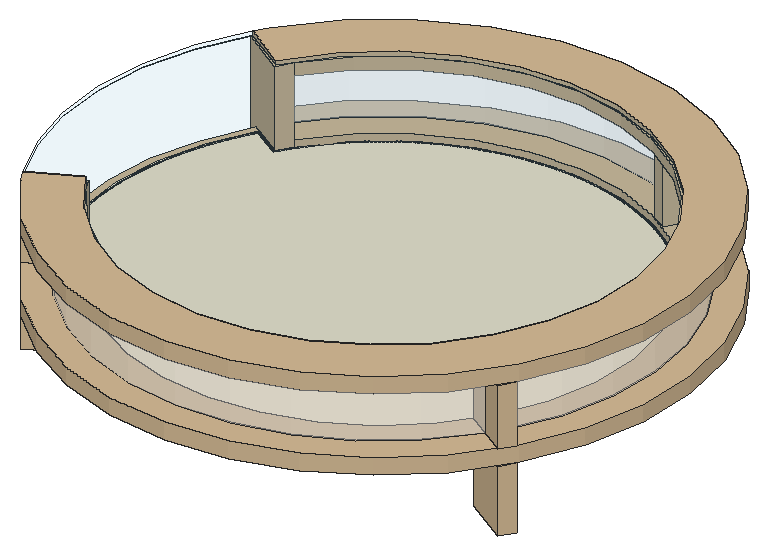
Revit family "MESA DE CENTRO M.A. 1,10M", category Modelos genéricos, Revit 2024 (continued)
Automatic sketch dimensions
  Extrusion 299 sketch curve to Extrusion 299 sketch curve = 0.1014 cm
  Extrusion 299 sketch curve to Extrusion 299 sketch curve = 0.0426 cm
  Extrusion 300 sketch curve to Extrusion 300 sketch curve = 0.1162 cm
  Extrusion 300 sketch curve to Extrusion 300 sketch curve = 0.1014 cm
  Extrusion 300 sketch curve to Extrusion 300 sketch curve = 0.0426 cm
  Extrusion 301 sketch curve to Extrusion 301 sketch curve = 0.1162 cm
  Extrusion 301 sketch curve to Extrusion 301 sketch curve = 0.1014 cm
  Extrusion 301 sketch curve to Extrusion 301 sketch curve = 0.0426 cm
  Extrusion 302 sketch curve to Extrusion 302 sketch curve = 0.1162 cm
  Extrusion 302 sketch curve to Extrusion 302 sketch curve = 0.1014 cm
  Extrusion 302 sketch curve to Extrusion 302 sketch curve = 0.0426 cm
  Extrusion 303 sketch curve to Extrusion 303 sketch curve = 0.1162 cm
  Extrusion 303 sketch curve to Extrusion 303 sketch curve = 0.1014 cm
  Extrusion 303 sketch curve to Extrusion 303 sketch curve = 0.0426 cm
  Extrusion 304 sketch curve to Extrusion 304 sketch curve = 0.1162 cm
  Extrusion 304 sketch curve to Extrusion 304 sketch curve = 0.1014 cm
  Extrusion 304 sketch curve to Extrusion 304 sketch curve = 0.0426 cm
  Extrusion 305 sketch curve to Extrusion 305 sketch curve = 0.1162 cm
  Extrusion 305 sketch curve to Extrusion 305 sketch curve = 0.1014 cm
  Extrusion 305 sketch curve to Extrusion 305 sketch curve = 0.0426 cm
  Extrusion 306 sketch curve to Extrusion 306 sketch curve = 0.1162 cm
  Extrusion 306 sketch curve to Extrusion 306 sketch curve = 0.1014 cm
  Extrusion 306 sketch curve to Extrusion 306 sketch curve = 0.0426 cm
  Extrusion 307 sketch curve to Extrusion 307 sketch curve = 0.1162 cm
  Extrusion 307 sketch curve to Extrusion 307 sketch curve = 0.1014 cm
  Extrusion 307 sketch curve to Extrusion 307 sketch curve = 0.0426 cm
  Extrusion 308 sketch curve to Extrusion 308 sketch curve = 0.1162 cm
  Extrusion 308 sketch curve to Extrusion 308 sketch curve = 0.1014 cm
  Extrusion 308 sketch curve to Extrusion 308 sketch curve = 0.0426 cm
  Extrusion 309 sketch curve to Extrusion 309 sketch curve = 0.1162 cm
  Extrusion 309 sketch curve to Extrusion 309 sketch curve = 0.1014 cm
  Extrusion 309 sketch curve to Extrusion 309 sketch curve = 0.0426 cm
  Extrusion 310 sketch curve to Extrusion 310 sketch curve = 0.1162 cm
  Extrusion 310 sketch curve to Extrusion 310 sketch curve = 0.1014 cm
  Extrusion 310 sketch curve to Extrusion 310 sketch curve = 0.0426 cm
  Extrusion 311 sketch curve to Extrusion 311 sketch curve = 0.1162 cm
  Extrusion 311 sketch curve to Extrusion 311 sketch curve = 0.1014 cm
  Extrusion 311 sketch curve to Extrusion 311 sketch curve = 0.0426 cm
  Extrusion 312 sketch curve to Extrusion 312 sketch curve = 0.1162 cm
  Extrusion 312 sketch curve to Extrusion 312 sketch curve = 0.1014 cm
  Extrusion 312 sketch curve to Extrusion 312 sketch curve = 0.0426 cm
  Extrusion 313 sketch curve to Extrusion 313 sketch curve = 0.1162 cm
  Extrusion 313 sketch curve to Extrusion 313 sketch curve = 0.1014 cm
  Extrusion 313 sketch curve to Extrusion 313 sketch curve = 0.0426 cm
  Extrusion 314 sketch curve to Extrusion 314 sketch curve = 0.1162 cm
  Extrusion 314 sketch curve to Extrusion 314 sketch curve = 0.1014 cm
  Extrusion 314 sketch curve to Extrusion 314 sketch curve = 0.0426 cm
  Extrusion 315 sketch curve to Extrusion 315 sketch curve = 0.1162 cm
  Extrusion 315 sketch curve to Extrusion 315 sketch curve = 0.1014 cm
  Extrusion 315 sketch curve to Extrusion 315 sketch curve = 0.0426 cm
  Extrusion 316 sketch curve to Extrusion 316 sketch curve = 0.1162 cm
  Extrusion 316 sketch curve to Extrusion 316 sketch curve = 0.1014 cm
  Extrusion 316 sketch curve to Extrusion 316 sketch curve = 0.0426 cm
  Extrusion 317 sketch curve to Extrusion 317 sketch curve = 0.1162 cm
  Extrusion 317 sketch curve to Extrusion 317 sketch curve = 0.1014 cm
  Extrusion 317 sketch curve to Extrusion 317 sketch curve = 0.0426 cm
  Extrusion 318 sketch curve to Extrusion 318 sketch curve = 0.1162 cm
  Extrusion 318 sketch curve to Extrusion 318 sketch curve = 0.1014 cm
  Extrusion 318 sketch curve to Extrusion 318 sketch curve = 0.0426 cm
  Extrusion 319 sketch curve to Extrusion 319 sketch curve = 0.1162 cm
  Extrusion 319 sketch curve to Extrusion 319 sketch curve = 0.1014 cm
  Extrusion 319 sketch curve to Extrusion 319 sketch curve = 0.0426 cm
  Extrusion 320 sketch curve to Extrusion 320 sketch curve = 0.1162 cm
  Extrusion 320 sketch curve to Extrusion 320 sketch curve = 0.1014 cm
  Extrusion 320 sketch curve to Extrusion 320 sketch curve = 0.0426 cm
  Extrusion 321 sketch curve to Extrusion 321 sketch curve = 0.1162 cm
  Extrusion 321 sketch curve to Extrusion 321 sketch curve = 0.1014 cm
  Extrusion 321 sketch curve to Extrusion 321 sketch curve = 0.0426 cm
  Extrusion 322 sketch curve to Extrusion 322 sketch curve = 0.1162 cm
  Extrusion 322 sketch curve to Extrusion 322 sketch curve = 0.1014 cm
  Extrusion 322 sketch curve to Extrusion 322 sketch curve = 0.0426 cm
  Extrusion 323 sketch curve to Extrusion 323 sketch curve = 0.1162 cm
  Extrusion 323 sketch curve to Extrusion 323 sketch curve = 0.1014 cm
  Extrusion 323 sketch curve to Extrusion 323 sketch curve = 0.0426 cm
  Extrusion 324 sketch curve to Extrusion 324 sketch curve = 0.1162 cm
  Extrusion 324 sketch curve to Extrusion 324 sketch curve = 0.1014 cm
  Extrusion 324 sketch curve to Extrusion 324 sketch curve = 0.0426 cm
  Extrusion 325 sketch curve to Extrusion 325 sketch curve = 0.1162 cm
  Extrusion 325 sketch curve to Extrusion 325 sketch curve = 0.1014 cm
  Extrusion 325 sketch curve to Extrusion 325 sketch curve = 0.0426 cm
  Extrusion 326 sketch curve to Extrusion 326 sketch curve = 0.1162 cm
  Extrusion 326 sketch curve to Extrusion 326 sketch curve = 0.1014 cm
  Extrusion 326 sketch curve to Extrusion 326 sketch curve = 0.0426 cm
  Extrusion 327 sketch curve to Extrusion 327 sketch curve = 0.1162 cm
  Extrusion 327 sketch curve to Extrusion 327 sketch curve = 0.1014 cm
  Extrusion 327 sketch curve to Extrusion 327 sketch curve = 0.0426 cm
  Extrusion 328 sketch curve to Extrusion 328 sketch curve = 0.1162 cm
  Extrusion 328 sketch curve to Extrusion 328 sketch curve = 0.1014 cm
  Extrusion 328 sketch curve to Extrusion 328 sketch curve = 0.0426 cm
  Extrusion 329 sketch curve to Extrusion 329 sketch curve = 0.1162 cm
  Extrusion 329 sketch curve to Extrusion 329 sketch curve = 0.1014 cm
  Extrusion 329 sketch curve to Extrusion 329 sketch curve = 0.0426 cm
  Extrusion 330 sketch curve to Extrusion 330 sketch curve = 0.1162 cm
  Extrusion 330 sketch curve to Extrusion 330 sketch curve = 0.1014 cm
  Extrusion 330 sketch curve to Extrusion 330 sketch curve = 0.0426 cm
  Extrusion 331 sketch curve to Extrusion 331 sketch curve = 0.1162 cm
  Extrusion 331 sketch curve to Extrusion 331 sketch curve = 0.1014 cm
  Extrusion 331 sketch curve to Extrusion 331 sketch curve = 0.0426 cm
  Extrusion 332 sketch curve to Extrusion 332 sketch curve = 0.1162 cm
  Extrusion 332 sketch curve to Extrusion 332 sketch curve = 0.1014 cm
  Extrusion 332 sketch curve to Extrusion 332 sketch curve = 0.0426 cm
  Extrusion 333 sketch curve to Extrusion 333 sketch curve = 0.2986 cm
  Extrusion 333 sketch curve to Extrusion 333 sketch curve = 0.0106 cm
  Extrusion 333 sketch curve to Extrusion 333 sketch curve = 0.1095 cm
  Extrusion 334 sketch curve to Extrusion 334 sketch curve = 0.2986 cm
  Extrusion 334 sketch curve to Extrusion 334 sketch curve = 0.0106 cm
  Extrusion 334 sketch curve to Extrusion 334 sketch curve = 0.1095 cm
  Extrusion 335 sketch curve to Extrusion 335 sketch curve = 0.2986 cm
  Extrusion 335 sketch curve to Extrusion 335 sketch curve = 0.0106 cm
  Extrusion 335 sketch curve to Extrusion 335 sketch curve = 0.1095 cm
  Extrusion 336 sketch curve to Extrusion 336 sketch curve = 0.2986 cm
  Extrusion 336 sketch curve to Extrusion 336 sketch curve = 0.0106 cm
  Extrusion 336 sketch curve to Extrusion 336 sketch curve = 0.1095 cm
  Extrusion 337 sketch curve to Extrusion 337 sketch curve = 0.2986 cm
  Extrusion 337 sketch curve to Extrusion 337 sketch curve = 0.0106 cm
  Extrusion 337 sketch curve to Extrusion 337 sketch curve = 0.1095 cm
  Extrusion 338 sketch curve to Extrusion 338 sketch curve = 0.2986 cm
  Extrusion 338 sketch curve to Extrusion 338 sketch curve = 0.0106 cm
  Extrusion 338 sketch curve to Extrusion 338 sketch curve = 0.1095 cm
  Extrusion 339 sketch curve to Extrusion 339 sketch curve = 0.2986 cm
  Extrusion 339 sketch curve to Extrusion 339 sketch curve = 0.0106 cm
  Extrusion 339 sketch curve to Extrusion 339 sketch curve = 0.1095 cm
  Extrusion 340 sketch curve to Extrusion 340 sketch curve = 0.2986 cm
  Extrusion 340 sketch curve to Extrusion 340 sketch curve = 0.0106 cm
  Extrusion 340 sketch curve to Extrusion 340 sketch curve = 0.1095 cm
  Extrusion 341 sketch curve to Extrusion 341 sketch curve = 0.2986 cm
  Extrusion 341 sketch curve to Extrusion 341 sketch curve = 0.0106 cm
  Extrusion 341 sketch curve to Extrusion 341 sketch curve = 0.1095 cm
  Extrusion 342 sketch curve to Extrusion 342 sketch curve = 0.2986 cm
  Extrusion 342 sketch curve to Extrusion 342 sketch curve = 0.0106 cm
  Extrusion 342 sketch curve to Extrusion 342 sketch curve = 0.1095 cm
  Extrusion 343 sketch curve to Extrusion 343 sketch curve = 0.2986 cm
  Extrusion 343 sketch curve to Extrusion 343 sketch curve = 0.0106 cm
  Extrusion 343 sketch curve to Extrusion 343 sketch curve = 0.1095 cm
  Extrusion 344 sketch curve to Extrusion 344 sketch curve = 0.2986 cm
  Extrusion 344 sketch curve to Extrusion 344 sketch curve = 0.0106 cm
  Extrusion 344 sketch curve to Extrusion 344 sketch curve = 0.1095 cm
  Extrusion 345 sketch curve to Extrusion 345 sketch curve = 0.2986 cm
  Extrusion 345 sketch curve to Extrusion 345 sketch curve = 0.0106 cm
  Extrusion 345 sketch curve to Extrusion 345 sketch curve = 0.1095 cm
  Extrusion 346 sketch curve to Extrusion 346 sketch curve = 0.2986 cm
  Extrusion 346 sketch curve to Extrusion 346 sketch curve = 0.0106 cm
  Extrusion 346 sketch curve to Extrusion 346 sketch curve = 0.1095 cm
  Extrusion 347 sketch curve to Extrusion 347 sketch curve = 0.2986 cm
  Extrusion 347 sketch curve to Extrusion 347 sketch curve = 0.0106 cm
  Extrusion 347 sketch curve to Extrusion 347 sketch curve = 0.1095 cm
  Extrusion 348 sketch curve to Extrusion 348 sketch curve = 0.2986 cm
  Extrusion 348 sketch curve to Extrusion 348 sketch curve = 0.0106 cm
  Extrusion 348 sketch curve to Extrusion 348 sketch curve = 0.1095 cm
  Extrusion 349 sketch curve to Extrusion 349 sketch curve = 0.2986 cm
  Extrusion 349 sketch curve to Extrusion 349 sketch curve = 0.0106 cm
  Extrusion 349 sketch curve to Extrusion 349 sketch curve = 0.1095 cm
  Extrusion 350 sketch curve to Extrusion 350 sketch curve = 0.2986 cm
  Extrusion 350 sketch curve to Extrusion 350 sketch curve = 0.0106 cm
  Extrusion 350 sketch curve to Extrusion 350 sketch curve = 0.1095 cm
  Extrusion 351 sketch curve to Extrusion 351 sketch curve = 0.2986 cm
  Extrusion 351 sketch curve to Extrusion 351 sketch curve = 0.0106 cm
  Extrusion 351 sketch curve to Extrusion 351 sketch curve = 0.1095 cm
  Extrusion 352 sketch curve to Extrusion 352 sketch curve = 0.2986 cm
  Extrusion 352 sketch curve to Extrusion 352 sketch curve = 0.0106 cm
  Extrusion 352 sketch curve to Extrusion 352 sketch curve = 0.1095 cm
  Extrusion 353 sketch curve to Extrusion 353 sketch curve = 0.2986 cm
  Extrusion 353 sketch curve to Extrusion 353 sketch curve = 0.0106 cm
  Extrusion 353 sketch curve to Extrusion 353 sketch curve = 0.1095 cm
  Extrusion 354 sketch curve to Extrusion 354 sketch curve = 0.2986 cm
  Extrusion 354 sketch curve to Extrusion 354 sketch curve = 0.0106 cm
  Extrusion 354 sketch curve to Extrusion 354 sketch curve = 0.1095 cm
  Extrusion 355 sketch curve to Extrusion 355 sketch curve = 0.2986 cm
  Extrusion 355 sketch curve to Extrusion 355 sketch curve = 0.0106 cm
  Extrusion 355 sketch curve to Extrusion 355 sketch curve = 0.1095 cm
  Extrusion 356 sketch curve to Extrusion 356 sketch curve = 0.2986 cm
  Extrusion 356 sketch curve to Extrusion 356 sketch curve = 0.0106 cm
  Extrusion 356 sketch curve to Extrusion 356 sketch curve = 0.1095 cm
  Extrusion 357 sketch curve to Extrusion 357 sketch curve = 0.2986 cm
  Extrusion 357 sketch curve to Extrusion 357 sketch curve = 0.0106 cm
  Extrusion 357 sketch curve to Extrusion 357 sketch curve = 0.1095 cm
  Extrusion 358 sketch curve to Extrusion 358 sketch curve = 0.2986 cm
  Extrusion 358 sketch curve to Extrusion 358 sketch curve = 0.0106 cm
  Extrusion 358 sketch curve to Extrusion 358 sketch curve = 0.1095 cm
  Extrusion 359 sketch curve to Extrusion 359 sketch curve = 0.2986 cm
  Extrusion 359 sketch curve to Extrusion 359 sketch curve = 0.0106 cm
  Extrusion 359 sketch curve to Extrusion 359 sketch curve = 0.1095 cm
  Extrusion 360 sketch curve to Extrusion 360 sketch curve = 0.2986 cm
  Extrusion 360 sketch curve to Extrusion 360 sketch curve = 0.0106 cm
  Extrusion 360 sketch curve to Extrusion 360 sketch curve = 0.1095 cm
  Extrusion 361 sketch curve to Extrusion 361 sketch curve = 0.2986 cm
  Extrusion 361 sketch curve to Extrusion 361 sketch curve = 0.0106 cm
  Extrusion 361 sketch curve to Extrusion 361 sketch curve = 0.1095 cm
  Extrusion 362 sketch curve to Extrusion 362 sketch curve = 0.2986 cm
  Extrusion 362 sketch curve to Extrusion 362 sketch curve = 0.0106 cm
  Extrusion 362 sketch curve to Extrusion 362 sketch curve = 0.1095 cm
  Extrusion 363 sketch curve to Extrusion 363 sketch curve = 0.2986 cm
  Extrusion 363 sketch curve to Extrusion 363 sketch curve = 0.0106 cm
  Extrusion 363 sketch curve to Extrusion 363 sketch curve = 0.1095 cm
  Extrusion 364 sketch curve to Extrusion 364 sketch curve = 0.2986 cm
  Extrusion 364 sketch curve to Extrusion 364 sketch curve = 0.0106 cm
  Extrusion 364 sketch curve to Extrusion 364 sketch curve = 0.1095 cm
  Extrusion 365 sketch curve to Extrusion 365 sketch curve = 0.2986 cm
  Extrusion 365 sketch curve to Extrusion 365 sketch curve = 0.0106 cm
  Extrusion 365 sketch curve to Extrusion 365 sketch curve = 0.1095 cm
  Extrusion 366 sketch curve to Extrusion 366 sketch curve = 0.2986 cm
  Extrusion 366 sketch curve to Extrusion 366 sketch curve = 0.0106 cm
  Extrusion 366 sketch curve to Extrusion 366 sketch curve = 0.1095 cm
  Extrusion 367 sketch curve to Extrusion 367 sketch curve = 0.2986 cm
  Extrusion 367 sketch curve to Extrusion 367 sketch curve = 0.0106 cm
  Extrusion 367 sketch curve to Extrusion 367 sketch curve = 0.1095 cm
  Extrusion 368 sketch curve to Extrusion 368 sketch curve = 0.2986 cm
  Extrusion 368 sketch curve to Extrusion 368 sketch curve = 0.0106 cm
  Extrusion 368 sketch curve to Extrusion 368 sketch curve = 0.1095 cm
  Extrusion 369 sketch curve to Extrusion 369 sketch curve = 0.2986 cm
  Extrusion 369 sketch curve to Extrusion 369 sketch curve = 0.0106 cm
  Extrusion 369 sketch curve to Extrusion 369 sketch curve = 0.1095 cm
  Extrusion 370 sketch curve to Extrusion 370 sketch curve = 0.2986 cm
  Extrusion 370 sketch curve to Extrusion 370 sketch curve = 0.0106 cm
  Extrusion 370 sketch curve to Extrusion 370 sketch curve = 0.1095 cm
  Extrusion 371 sketch curve to Extrusion 371 sketch curve = 0.2986 cm
  Extrusion 371 sketch curve to Extrusion 371 sketch curve = 0.0106 cm
  Extrusion 371 sketch curve to Extrusion 371 sketch curve = 0.1095 cm
  Extrusion 372 sketch curve to Extrusion 372 sketch curve = 0.2986 cm
  Extrusion 372 sketch curve to Extrusion 372 sketch curve = 0.0106 cm
  Extrusion 372 sketch curve to Extrusion 372 sketch curve = 0.1095 cm
  Extrusion 373 sketch curve to Extrusion 373 sketch curve = 0.2986 cm
  Extrusion 373 sketch curve to Extrusion 373 sketch curve = 0.0106 cm
  Extrusion 373 sketch curve to Extrusion 373 sketch curve = 0.1095 cm
  Extrusion 374 sketch curve to Extrusion 374 sketch curve = 0.2986 cm
  Extrusion 374 sketch curve to Extrusion 374 sketch curve = 0.0106 cm
  Extrusion 374 sketch curve to Extrusion 374 sketch curve = 0.1095 cm
  Extrusion 375 sketch curve to Extrusion 375 sketch curve = 0.2986 cm
  Extrusion 375 sketch curve to Extrusion 375 sketch curve = 0.0106 cm
  Extrusion 375 sketch curve to Extrusion 375 sketch curve = 0.1095 cm
  Extrusion 376 sketch curve to Extrusion 376 sketch curve = 0.2986 cm
  Extrusion 376 sketch curve to Extrusion 376 sketch curve = 0.0106 cm
  Extrusion 376 sketch curve to Extrusion 376 sketch curve = 0.1095 cm
  Extrusion 377 sketch curve to Extrusion 377 sketch curve = 0.2986 cm
  Extrusion 377 sketch curve to Extrusion 377 sketch curve = 0.0106 cm
  Extrusion 377 sketch curve to Extrusion 377 sketch curve = 0.1095 cm
  Extrusion 378 sketch curve to Extrusion 378 sketch curve = 0.2986 cm
  Extrusion 378 sketch curve to Extrusion 378 sketch curve = 0.0106 cm
  Extrusion 378 sketch curve to Extrusion 378 sketch curve = 0.1095 cm
  Extrusion 379 sketch curve to Extrusion 379 sketch curve = 0.2986 cm
  Extrusion 379 sketch curve to Extrusion 379 sketch curve = 0.0106 cm
  Extrusion 379 sketch curve to Extrusion 379 sketch curve = 0.1095 cm
  Extrusion 380 sketch curve to Extrusion 380 sketch curve = 0.2986 cm
  Extrusion 380 sketch curve to Extrusion 380 sketch curve = 0.0106 cm
  Extrusion 380 sketch curve to Extrusion 380 sketch curve = 0.1095 cm
  Extrusion 381 sketch curve to Extrusion 381 sketch curve = 0.2986 cm
  Extrusion 381 sketch curve to Extrusion 381 sketch curve = 0.0106 cm
  Extrusion 381 sketch curve to Extrusion 381 sketch curve = 0.1095 cm
  Extrusion 382 sketch curve to Extrusion 382 sketch curve = 0.2986 cm
  Extrusion 382 sketch curve to Extrusion 382 sketch curve = 0.0106 cm
  Extrusion 382 sketch curve to Extrusion 382 sketch curve = 0.1095 cm
  Extrusion 383 sketch curve to Extrusion 383 sketch curve = 0.2986 cm
  Extrusion 383 sketch curve to Extrusion 383 sketch curve = 0.0106 cm
  Extrusion 383 sketch curve to Extrusion 383 sketch curve = 0.1095 cm
  Extrusion 384 sketch curve to Extrusion 384 sketch curve = 0.2986 cm
  Extrusion 384 sketch curve to Extrusion 384 sketch curve = 0.0106 cm
  Extrusion 384 sketch curve to Extrusion 384 sketch curve = 0.1095 cm
  Extrusion 385 sketch curve to Extrusion 385 sketch curve = 0.2986 cm
  Extrusion 385 sketch curve to Extrusion 385 sketch curve = 0.0106 cm
  Extrusion 385 sketch curve to Extrusion 385 sketch curve = 0.1095 cm
  Extrusion 386 sketch curve to Extrusion 386 sketch curve = 0.2986 cm
  Extrusion 386 sketch curve to Extrusion 386 sketch curve = 0.0106 cm
  Extrusion 386 sketch curve to Extrusion 386 sketch curve = 0.1095 cm
  Extrusion 387 sketch curve to Extrusion 387 sketch curve = 0.2986 cm
  Extrusion 387 sketch curve to Extrusion 387 sketch curve = 0.0106 cm
  Extrusion 387 sketch curve to Extrusion 387 sketch curve = 0.1095 cm
  Extrusion 388 sketch curve to Extrusion 388 sketch curve = 0.2986 cm
  Extrusion 388 sketch curve to Extrusion 388 sketch curve = 0.0106 cm
  Extrusion 388 sketch curve to Extrusion 388 sketch curve = 0.1095 cm
  Extrusion 389 sketch curve to Extrusion 389 sketch curve = 0.2986 cm
  Extrusion 389 sketch curve to Extrusion 389 sketch curve = 0.0106 cm
  Extrusion 389 sketch curve to Extrusion 389 sketch curve = 0.1095 cm
  Extrusion 390 sketch curve to Extrusion 390 sketch curve = 0.2986 cm
  Extrusion 390 sketch curve to Extrusion 390 sketch curve = 0.0106 cm
  Extrusion 390 sketch curve to Extrusion 390 sketch curve = 0.1095 cm
  Extrusion 391 sketch curve to Extrusion 391 sketch curve = 0.2986 cm
  Extrusion 391 sketch curve to Extrusion 391 sketch curve = 0.0106 cm
  Extrusion 391 sketch curve to Extrusion 391 sketch curve = 0.1095 cm
  Extrusion 392 sketch curve to Extrusion 392 sketch curve = 0.2986 cm
  Extrusion 392 sketch curve to Extrusion 392 sketch curve = 0.0106 cm
  Extrusion 392 sketch curve to Extrusion 392 sketch curve = 0.1095 cm
  Extrusion 393 sketch curve to Extrusion 393 sketch curve = 0.2986 cm
  Extrusion 393 sketch curve to Extrusion 393 sketch curve = 0.0106 cm
  Extrusion 393 sketch curve to Extrusion 393 sketch curve = 0.1095 cm
  Extrusion 394 sketch curve to Extrusion 394 sketch curve = 0.2986 cm
  Extrusion 394 sketch curve to Extrusion 394 sketch curve = 0.0106 cm
  Extrusion 394 sketch curve to Extrusion 394 sketch curve = 0.1095 cm
  Extrusion 395 sketch curve to Extrusion 395 sketch curve = 0.2986 cm
  Extrusion 395 sketch curve to Extrusion 395 sketch curve = 0.0106 cm
  Extrusion 395 sketch curve to Extrusion 395 sketch curve = 0.1095 cm
  Extrusion 396 sketch curve to Extrusion 396 sketch curve = 0.2986 cm
  Extrusion 396 sketch curve to Extrusion 396 sketch curve = 0.0106 cm
  Extrusion 396 sketch curve to Extrusion 396 sketch curve = 0.1095 cm
  Extrusion 397 sketch curve to Extrusion 397 sketch curve = 0.2986 cm
  Extrusion 397 sketch curve to Extrusion 397 sketch curve = 0.0106 cm
  Extrusion 397 sketch curve to Extrusion 397 sketch curve = 0.1095 cm
  Extrusion 398 sketch curve to Extrusion 398 sketch curve = 0.2986 cm
  Extrusion 398 sketch curve to Extrusion 398 sketch curve = 0.0106 cm
  Extrusion 398 sketch curve to Extrusion 398 sketch curve = 0.1095 cm
  Extrusion 399 sketch curve to Extrusion 399 sketch curve = 0.2986 cm
  Extrusion 399 sketch curve to Extrusion 399 sketch curve = 0.0106 cm
  Extrusion 399 sketch curve to Extrusion 399 sketch curve = 0.1095 cm
  Extrusion 400 sketch curve to Extrusion 400 sketch curve = 0.2986 cm
  Extrusion 400 sketch curve to Extrusion 400 sketch curve = 0.0106 cm
  Extrusion 400 sketch curve to Extrusion 400 sketch curve = 0.1095 cm
  Extrusion 401 sketch curve to Extrusion 401 sketch curve = 0.2986 cm
  Extrusion 401 sketch curve to Extrusion 401 sketch curve = 0.0106 cm
  Extrusion 401 sketch curve to Extrusion 401 sketch curve = 0.1095 cm
  Extrusion 402 sketch curve to Extrusion 402 sketch curve = 0.2986 cm
  Extrusion 402 sketch curve to Extrusion 402 sketch curve = 0.0106 cm
  Extrusion 402 sketch curve to Extrusion 402 sketch curve = 0.1095 cm
  Extrusion 403 sketch curve to Extrusion 403 sketch curve = 0.2986 cm
  Extrusion 403 sketch curve to Extrusion 403 sketch curve = 0.0106 cm
  Extrusion 403 sketch curve to Extrusion 403 sketch curve = 0.1095 cm
  Extrusion 404 sketch curve to Extrusion 404 sketch curve = 0.2986 cm
  Extrusion 404 sketch curve to Extrusion 404 sketch curve = 0.0106 cm
  Extrusion 404 sketch curve to Extrusion 404 sketch curve = 0.1095 cm
  Extrusion 405 sketch curve to Extrusion 405 sketch curve = 0.2986 cm
  Extrusion 405 sketch curve to Extrusion 405 sketch curve = 0.0106 cm
  Extrusion 405 sketch curve to Extrusion 405 sketch curve = 0.1095 cm
  Extrusion 406 sketch curve to Extrusion 406 sketch curve = 0.2986 cm
  Extrusion 406 sketch curve to Extrusion 406 sketch curve = 0.0106 cm
  Extrusion 406 sketch curve to Extrusion 406 sketch curve = 0.1095 cm
  Extrusion 407 sketch curve to Extrusion 407 sketch curve = 0.2986 cm
  Extrusion 407 sketch curve to Extrusion 407 sketch curve = 0.0106 cm
  Extrusion 407 sketch curve to Extrusion 407 sketch curve = 0.1095 cm
  Extrusion 408 sketch curve to Extrusion 408 sketch curve = 0.2986 cm
  Extrusion 408 sketch curve to Extrusion 408 sketch curve = 0.0106 cm
  Extrusion 408 sketch curve to Extrusion 408 sketch curve = 0.1095 cm
  Extrusion 409 sketch curve to Extrusion 409 sketch curve = 0.2986 cm
  Extrusion 409 sketch curve to Extrusion 409 sketch curve = 0.0106 cm
  Extrusion 409 sketch curve to Extrusion 409 sketch curve = 0.1095 cm
  Extrusion 410 sketch curve to Extrusion 410 sketch curve = 0.2986 cm
  Extrusion 410 sketch curve to Extrusion 410 sketch curve = 0.0106 cm
  Extrusion 410 sketch curve to Extrusion 410 sketch curve = 0.1095 cm
  Extrusion 411 sketch curve to Extrusion 411 sketch curve = 0.2986 cm
  Extrusion 411 sketch curve to Extrusion 411 sketch curve = 0.0106 cm
  Extrusion 411 sketch curve to Extrusion 411 sketch curve = 0.1095 cm
  Extrusion 412 sketch curve to Extrusion 412 sketch curve = 0.2986 cm
  Extrusion 412 sketch curve to Extrusion 412 sketch curve = 0.0106 cm
  Extrusion 412 sketch curve to Extrusion 412 sketch curve = 0.1095 cm
  Extrusion 413 sketch curve to Extrusion 413 sketch curve = 0.2986 cm
  Extrusion 413 sketch curve to Extrusion 413 sketch curve = 0.0106 cm
  Extrusion 413 sketch curve to Extrusion 413 sketch curve = 0.1095 cm
  Extrusion 414 sketch curve to Extrusion 414 sketch curve = 0.2986 cm
  Extrusion 414 sketch curve to Extrusion 414 sketch curve = 0.0106 cm
  Extrusion 414 sketch curve to Extrusion 414 sketch curve = 0.1095 cm
  Extrusion 415 sketch curve to Extrusion 415 sketch curve = 0.2986 cm
  Extrusion 415 sketch curve to Extrusion 415 sketch curve = 0.0106 cm
  Extrusion 415 sketch curve to Extrusion 415 sketch curve = 0.1095 cm
  Extrusion 416 sketch curve to Extrusion 416 sketch curve = 0.2986 cm
  Extrusion 416 sketch curve to Extrusion 416 sketch curve = 0.0106 cm
  Extrusion 416 sketch curve to Extrusion 416 sketch curve = 0.1095 cm
  Extrusion 417 sketch curve to Extrusion 417 sketch curve = 0.2986 cm
  Extrusion 417 sketch curve to Extrusion 417 sketch curve = 0.0106 cm
  Extrusion 417 sketch curve to Extrusion 417 sketch curve = 0.1095 cm
  Extrusion 418 sketch curve to Extrusion 418 sketch curve = 0.2986 cm
  Extrusion 418 sketch curve to Extrusion 418 sketch curve = 0.0106 cm
  Extrusion 418 sketch curve to Extrusion 418 sketch curve = 0.1095 cm
  Extrusion 419 sketch curve to Extrusion 419 sketch curve = 0.2986 cm
  Extrusion 419 sketch curve to Extrusion 419 sketch curve = 0.0106 cm
  Extrusion 419 sketch curve to Extrusion 419 sketch curve = 0.1095 cm
  Extrusion 420 sketch curve to Extrusion 420 sketch curve = 0.2986 cm
  Extrusion 420 sketch curve to Extrusion 420 sketch curve = 0.0106 cm
  Extrusion 420 sketch curve to Extrusion 420 sketch curve = 0.1095 cm
  Extrusion 421 sketch curve to Extrusion 421 sketch curve = 0.2986 cm
  Extrusion 421 sketch curve to Extrusion 421 sketch curve = 0.0106 cm
  Extrusion 421 sketch curve to Extrusion 421 sketch curve = 0.1095 cm
  Extrusion 422 sketch curve to Extrusion 422 sketch curve = 0.2986 cm
  Extrusion 422 sketch curve to Extrusion 422 sketch curve = 0.0106 cm
  Extrusion 422 sketch curve to Extrusion 422 sketch curve = 0.1095 cm
  Extrusion 423 sketch curve to Extrusion 423 sketch curve = 0.2986 cm
  Extrusion 423 sketch curve to Extrusion 423 sketch curve = 0.0106 cm
  Extrusion 423 sketch curve to Extrusion 423 sketch curve = 0.1095 cm
  Extrusion 424 sketch curve to Extrusion 424 sketch curve = 0.2986 cm
  Extrusion 424 sketch curve to Extrusion 424 sketch curve = 0.0106 cm
  Extrusion 424 sketch curve to Extrusion 424 sketch curve = 0.1095 cm
  Extrusion 425 sketch curve to Extrusion 425 sketch curve = 0.2986 cm
  Extrusion 425 sketch curve to Extrusion 425 sketch curve = 0.0106 cm
  Extrusion 425 sketch curve to Extrusion 425 sketch curve = 0.1095 cm
  Extrusion 426 sketch curve to Extrusion 426 sketch curve = 0.2986 cm
  Extrusion 426 sketch curve to Extrusion 426 sketch curve = 0.0106 cm
  Extrusion 426 sketch curve to Extrusion 426 sketch curve = 0.1095 cm
  Extrusion 427 sketch curve to Extrusion 427 sketch curve = 0.2986 cm
  Extrusion 427 sketch curve to Extrusion 427 sketch curve = 0.0106 cm
  Extrusion 427 sketch curve to Extrusion 427 sketch curve = 0.1095 cm
  Extrusion 428 sketch curve to Extrusion 428 sketch curve = 0.2986 cm
  Extrusion 428 sketch curve to Extrusion 428 sketch curve = 0.0106 cm
  Extrusion 428 sketch curve to Extrusion 428 sketch curve = 0.1095 cm
  Extrusion 429 sketch curve to Extrusion 429 sketch curve = 0.2986 cm
  Extrusion 429 sketch curve to Extrusion 429 sketch curve = 0.0106 cm
  Extrusion 429 sketch curve to Extrusion 429 sketch curve = 0.1095 cm
  Extrusion 430 sketch curve to Extrusion 430 sketch curve = 0.2986 cm
  Extrusion 430 sketch curve to Extrusion 430 sketch curve = 0.0106 cm
  Extrusion 430 sketch curve to Extrusion 430 sketch curve = 0.1095 cm
  Extrusion 431 sketch curve to Extrusion 431 sketch curve = 0.2986 cm
  Extrusion 431 sketch curve to Extrusion 431 sketch curve = 0.0106 cm
  Extrusion 431 sketch curve to Extrusion 431 sketch curve = 0.1095 cm
  Extrusion 432 sketch curve to Extrusion 432 sketch curve = 0.2986 cm
  Extrusion 432 sketch curve to Extrusion 432 sketch curve = 0.0106 cm
  Extrusion 432 sketch curve to Extrusion 432 sketch curve = 0.1095 cm
  Extrusion 433 sketch curve to Extrusion 433 sketch curve = 0.2986 cm
  Extrusion 433 sketch curve to Extrusion 433 sketch curve = 0.0106 cm
  Extrusion 433 sketch curve to Extrusion 433 sketch curve = 0.1095 cm
  Extrusion 434 sketch curve to Extrusion 434 sketch curve = 0.2986 cm
  Extrusion 434 sketch curve to Extrusion 434 sketch curve = 0.0106 cm
  Extrusion 434 sketch curve to Extrusion 434 sketch curve = 0.1095 cm
  Extrusion 435 sketch curve to Extrusion 435 sketch curve = 0.2986 cm
  Extrusion 435 sketch curve to Extrusion 435 sketch curve = 0.0106 cm
  Extrusion 435 sketch curve to Extrusion 435 sketch curve = 0.1095 cm
  Extrusion 436 sketch curve to Extrusion 436 sketch curve = 0.2986 cm
  Extrusion 436 sketch curve to Extrusion 436 sketch curve = 0.0106 cm
  Extrusion 436 sketch curve to Extrusion 436 sketch curve = 0.1095 cm
  Extrusion 437 sketch curve to Extrusion 437 sketch curve = 0.2986 cm
  Extrusion 437 sketch curve to Extrusion 437 sketch curve = 0.0106 cm
  Extrusion 437 sketch curve to Extrusion 437 sketch curve = 0.1095 cm
  Extrusion 438 sketch curve to Extrusion 438 sketch curve = 0.2986 cm
  Extrusion 438 sketch curve to Extrusion 438 sketch curve = 0.0106 cm
  Extrusion 438 sketch curve to Extrusion 438 sketch curve = 0.1095 cm
  Extrusion 439 sketch curve to Extrusion 439 sketch curve = 0.2986 cm
  Extrusion 439 sketch curve to Extrusion 439 sketch curve = 0.0106 cm
  Extrusion 439 sketch curve to Extrusion 439 sketch curve = 0.1095 cm
  Extrusion 440 sketch curve to Extrusion 440 sketch curve = 0.2986 cm
  Extrusion 440 sketch curve to Extrusion 440 sketch curve = 0.0106 cm
  Extrusion 440 sketch curve to Extrusion 440 sketch curve = 0.1095 cm
  Extrusion 441 sketch curve to Extrusion 441 sketch curve = 0.2986 cm
  Extrusion 441 sketch curve to Extrusion 441 sketch curve = 0.0106 cm
  Extrusion 441 sketch curve to Extrusion 441 sketch curve = 0.1095 cm
  Extrusion 442 sketch curve to Extrusion 442 sketch curve = 0.2986 cm
  Extrusion 442 sketch curve to Extrusion 442 sketch curve = 0.0106 cm
  Extrusion 442 sketch curve to Extrusion 442 sketch curve = 0.1095 cm
  Extrusion 443 sketch curve to Extrusion 443 sketch curve = 0.2986 cm
  Extrusion 443 sketch curve to Extrusion 443 sketch curve = 0.0106 cm
  Extrusion 443 sketch curve to Extrusion 443 sketch curve = 0.1095 cm
  Extrusion 444 sketch curve to Extrusion 444 sketch curve = 0.2986 cm
  Extrusion 444 sketch curve to Extrusion 444 sketch curve = 0.0106 cm
  Extrusion 444 sketch curve to Extrusion 444 sketch curve = 0.1095 cm
  Extrusion 445 sketch curve to Extrusion 445 sketch curve = 0.2986 cm
  Extrusion 445 sketch curve to Extrusion 445 sketch curve = 0.0106 cm
  Extrusion 445 sketch curve to Extrusion 445 sketch curve = 0.1095 cm
  Extrusion 446 sketch curve to Extrusion 446 sketch curve = 0.2986 cm
  Extrusion 446 sketch curve to Extrusion 446 sketch curve = 0.0106 cm
  Extrusion 446 sketch curve to Extrusion 446 sketch curve = 0.1095 cm
  Extrusion 447 sketch curve to Extrusion 447 sketch curve = 0.2986 cm
  Extrusion 447 sketch curve to Extrusion 447 sketch curve = 0.0106 cm
  Extrusion 447 sketch curve to Extrusion 447 sketch curve = 0.1095 cm
  Extrusion 448 sketch curve to Extrusion 448 sketch curve = 0.2986 cm
  Extrusion 448 sketch curve to Extrusion 448 sketch curve = 0.0106 cm
  Extrusion 448 sketch curve to Extrusion 448 sketch curve = 0.1095 cm
  Extrusion 449 sketch curve to Extrusion 449 sketch curve = 0.2986 cm
  Extrusion 449 sketch curve to Extrusion 449 sketch curve = 0.0106 cm
  Extrusion 449 sketch curve to Extrusion 449 sketch curve = 0.1095 cm
  Extrusion 450 sketch curve to Extrusion 450 sketch curve = 0.2986 cm
  Extrusion 450 sketch curve to Extrusion 450 sketch curve = 0.0106 cm
  Extrusion 450 sketch curve to Extrusion 450 sketch curve = 0.1095 cm
  Extrusion 451 sketch curve to Extrusion 451 sketch curve = 0.2986 cm
  Extrusion 451 sketch curve to Extrusion 451 sketch curve = 0.0106 cm
  Extrusion 451 sketch curve to Extrusion 451 sketch curve = 0.1095 cm
  Extrusion 452 sketch curve to Extrusion 452 sketch curve = 0.2986 cm
  Extrusion 452 sketch curve to Extrusion 452 sketch curve = 0.0106 cm
  Extrusion 452 sketch curve to Extrusion 452 sketch curve = 0.1095 cm
  Extrusion 453 sketch curve to Extrusion 453 sketch curve = 0.2986 cm
  Extrusion 453 sketch curve to Extrusion 453 sketch curve = 0.0106 cm
  Extrusion 453 sketch curve to Extrusion 453 sketch curve = 0.1095 cm
  Extrusion 454 sketch curve to Extrusion 454 sketch curve = 0.2986 cm
  Extrusion 454 sketch curve to Extrusion 454 sketch curve = 0.0106 cm
  Extrusion 454 sketch curve to Extrusion 454 sketch curve = 0.1095 cm
  Extrusion 455 sketch curve to Extrusion 455 sketch curve = 0.2986 cm
  Extrusion 455 sketch curve to Extrusion 455 sketch curve = 0.0106 cm
  Extrusion 455 sketch curve to Extrusion 455 sketch curve = 0.1095 cm
  Extrusion 456 sketch curve to Extrusion 456 sketch curve = 0.2986 cm
  Extrusion 456 sketch curve to Extrusion 456 sketch curve = 0.0106 cm
  Extrusion 456 sketch curve to Extrusion 456 sketch curve = 0.1095 cm
  Extrusion 457 sketch curve to Extrusion 457 sketch curve = 0.2986 cm
  Extrusion 457 sketch curve to Extrusion 457 sketch curve = 0.0106 cm
  Extrusion 457 sketch curve to Extrusion 457 sketch curve = 0.1095 cm
  Extrusion 458 sketch curve to Extrusion 458 sketch curve = 0.2986 cm
  Extrusion 458 sketch curve to Extrusion 458 sketch curve = 0.0106 cm
  Extrusion 458 sketch curve to Extrusion 458 sketch curve = 0.1095 cm
  Extrusion 459 sketch curve to Extrusion 459 sketch curve = 0.2986 cm
  Extrusion 459 sketch curve to Extrusion 459 sketch curve = 0.0106 cm
  Extrusion 459 sketch curve to Extrusion 459 sketch curve = 0.1095 cm
  Extrusion 460 sketch curve to Extrusion 460 sketch curve = 0.2986 cm
  Extrusion 460 sketch curve to Extrusion 460 sketch curve = 0.0106 cm
  Extrusion 460 sketch curve to Extrusion 460 sketch curve = 0.1095 cm
  Extrusion 461 sketch curve to Extrusion 461 sketch curve = 0.2986 cm
  Extrusion 461 sketch curve to Extrusion 461 sketch curve = 0.0106 cm
  Extrusion 461 sketch curve to Extrusion 461 sketch curve = 0.1095 cm
  Extrusion 462 sketch curve to Extrusion 462 sketch curve = 0.2986 cm
  Extrusion 462 sketch curve to Extrusion 462 sketch curve = 0.0106 cm
  Extrusion 462 sketch curve to Extrusion 462 sketch curve = 0.1095 cm
  Extrusion 463 sketch curve to Extrusion 463 sketch curve = 0.2986 cm
  Extrusion 463 sketch curve to Extrusion 463 sketch curve = 0.0106 cm
  Extrusion 463 sketch curve to Extrusion 463 sketch curve = 0.1095 cm
  Extrusion 464 sketch curve to Extrusion 464 sketch curve = 0.2986 cm
  Extrusion 464 sketch curve to Extrusion 464 sketch curve = 0.0106 cm
  Extrusion 464 sketch curve to Extrusion 464 sketch curve = 0.1095 cm
  Extrusion 465 sketch curve to Extrusion 465 sketch curve = 0.2986 cm
  Extrusion 465 sketch curve to Extrusion 465 sketch curve = 0.0106 cm
  Extrusion 465 sketch curve to Extrusion 465 sketch curve = 0.1095 cm
  Extrusion 466 sketch curve to Extrusion 466 sketch curve = 0.2986 cm
  Extrusion 466 sketch curve to Extrusion 466 sketch curve = 0.0106 cm
  Extrusion 466 sketch curve to Extrusion 466 sketch curve = 0.1095 cm
  Extrusion 467 sketch curve to Extrusion 467 sketch curve = 0.2986 cm
  Extrusion 467 sketch curve to Extrusion 467 sketch curve = 0.0106 cm
  Extrusion 467 sketch curve to Extrusion 467 sketch curve = 0.1095 cm
  Extrusion 468 sketch curve to Extrusion 468 sketch curve = 0.2986 cm
  Extrusion 468 sketch curve to Extrusion 468 sketch curve = 0.0106 cm
  Extrusion 468 sketch curve to Extrusion 468 sketch curve = 0.1095 cm
  Extrusion 469 sketch curve to Extrusion 469 sketch curve = 0.2986 cm
  Extrusion 469 sketch curve to Extrusion 469 sketch curve = 0.0106 cm
  Extrusion 469 sketch curve to Extrusion 469 sketch curve = 0.1095 cm
  Extrusion 470 sketch curve to Extrusion 470 sketch curve = 0.2986 cm
  Extrusion 470 sketch curve to Extrusion 470 sketch curve = 0.0106 cm
  Extrusion 470 sketch curve to Extrusion 470 sketch curve = 0.1095 cm
  Extrusion 471 sketch curve to Extrusion 471 sketch curve = 0.2986 cm
  Extrusion 471 sketch curve to Extrusion 471 sketch curve = 0.0106 cm
  Extrusion 471 sketch curve to Extrusion 471 sketch curve = 0.1095 cm
  Extrusion 472 sketch curve to Extrusion 472 sketch curve = 0.2986 cm
  Extrusion 472 sketch curve to Extrusion 472 sketch curve = 0.0106 cm
  Extrusion 472 sketch curve to Extrusion 472 sketch curve = 0.1095 cm
  Extrusion 473 sketch curve to Extrusion 473 sketch curve = 0.2986 cm
  Extrusion 473 sketch curve to Extrusion 473 sketch curve = 0.0106 cm
  Extrusion 473 sketch curve to Extrusion 473 sketch curve = 0.1095 cm
  Extrusion 474 sketch curve to Extrusion 474 sketch curve = 0.2986 cm
  Extrusion 474 sketch curve to Extrusion 474 sketch curve = 0.0106 cm
  Extrusion 474 sketch curve to Extrusion 474 sketch curve = 0.1095 cm
  Extrusion 475 sketch curve to Extrusion 475 sketch curve = 0.2986 cm
  Extrusion 475 sketch curve to Extrusion 475 sketch curve = 0.0106 cm
  Extrusion 475 sketch curve to Extrusion 475 sketch curve = 0.1095 cm
  Extrusion 476 sketch curve to Extrusion 476 sketch curve = 0.2986 cm
  Extrusion 476 sketch curve to Extrusion 476 sketch curve = 0.0106 cm
  Extrusion 476 sketch curve to Extrusion 476 sketch curve = 0.1095 cm
  Extrusion 477 sketch curve to Extrusion 477 sketch curve = 0.2986 cm
  Extrusion 477 sketch curve to Extrusion 477 sketch curve = 0.0106 cm
  Extrusion 477 sketch curve to Extrusion 477 sketch curve = 0.1095 cm
  Extrusion 478 sketch curve to Extrusion 478 sketch curve = 0.2986 cm
  Extrusion 478 sketch curve to Extrusion 478 sketch curve = 0.0106 cm
  Extrusion 478 sketch curve to Extrusion 478 sketch curve = 0.1095 cm
  Extrusion 479 sketch curve to Extrusion 479 sketch curve = 0.2986 cm
  Extrusion 479 sketch curve to Extrusion 479 sketch curve = 0.0106 cm
  Extrusion 479 sketch curve to Extrusion 479 sketch curve = 0.1095 cm
  Extrusion 480 sketch curve to Extrusion 480 sketch curve = 0.2986 cm
  Extrusion 480 sketch curve to Extrusion 480 sketch curve = 0.0106 cm
  Extrusion 480 sketch curve to Extrusion 480 sketch curve = 0.1095 cm
  Extrusion 481 sketch curve to Extrusion 481 sketch curve = 0.2986 cm
  Extrusion 481 sketch curve to Extrusion 481 sketch curve = 0.0106 cm
  Extrusion 481 sketch curve to Extrusion 481 sketch curve = 0.1095 cm
  Extrusion 482 sketch curve to Extrusion 482 sketch curve = 0.2986 cm
  Extrusion 482 sketch curve to Extrusion 482 sketch curve = 0.0106 cm
  Extrusion 482 sketch curve to Extrusion 482 sketch curve = 0.1095 cm
  Extrusion 483 sketch curve to Extrusion 483 sketch curve = 0.2986 cm
  Extrusion 483 sketch curve to Extrusion 483 sketch curve = 0.0106 cm
  Extrusion 483 sketch curve to Extrusion 483 sketch curve = 0.1095 cm
  Extrusion 484 sketch curve to Extrusion 484 sketch curve = 0.2986 cm
  Extrusion 484 sketch curve to Extrusion 484 sketch curve = 0.0106 cm
  Extrusion 484 sketch curve to Extrusion 484 sketch curve = 0.1095 cm
  Extrusion 485 sketch curve to Extrusion 485 sketch curve = 0.2986 cm
  Extrusion 485 sketch curve to Extrusion 485 sketch curve = 0.0106 cm
  Extrusion 485 sketch curve to Extrusion 485 sketch curve = 0.1095 cm
  Extrusion 486 sketch curve to Extrusion 486 sketch curve = 0.2986 cm
  Extrusion 486 sketch curve to Extrusion 486 sketch curve = 0.0106 cm
  Extrusion 486 sketch curve to Extrusion 486 sketch curve = 0.1095 cm
  Extrusion 487 sketch curve to Extrusion 487 sketch curve = 0.2986 cm
  Extrusion 487 sketch curve to Extrusion 487 sketch curve = 0.0106 cm
  Extrusion 487 sketch curve to Extrusion 487 sketch curve = 0.1095 cm
  Extrusion 488 sketch curve to Extrusion 488 sketch curve = 0.2986 cm
  Extrusion 488 sketch curve to Extrusion 488 sketch curve = 0.0106 cm
  Extrusion 488 sketch curve to Extrusion 488 sketch curve = 0.1095 cm
  Extrusion 489 sketch curve to Extrusion 489 sketch curve = 0.2986 cm
  Extrusion 489 sketch curve to Extrusion 489 sketch curve = 0.0106 cm
  Extrusion 489 sketch curve to Extrusion 489 sketch curve = 0.1095 cm
  Extrusion 490 sketch curve to Extrusion 490 sketch curve = 0.2986 cm
  Extrusion 490 sketch curve to Extrusion 490 sketch curve = 0.0106 cm
  Extrusion 490 sketch curve to Extrusion 490 sketch curve = 0.1095 cm
  Extrusion 491 sketch curve to Extrusion 491 sketch curve = 0.2986 cm
  Extrusion 491 sketch curve to Extrusion 491 sketch curve = 0.0106 cm
  Extrusion 491 sketch curve to Extrusion 491 sketch curve = 0.1095 cm
  Extrusion 492 sketch curve to Extrusion 492 sketch curve = 0.2986 cm
  Extrusion 492 sketch curve to Extrusion 492 sketch curve = 0.0106 cm
  Extrusion 492 sketch curve to Extrusion 492 sketch curve = 0.1095 cm
  Extrusion 493 sketch curve to Extrusion 493 sketch curve = 0.2986 cm
  Extrusion 493 sketch curve to Extrusion 493 sketch curve = 0.0106 cm
  Extrusion 493 sketch curve to Extrusion 493 sketch curve = 0.1095 cm
  Extrusion 494 sketch curve to Extrusion 494 sketch curve = 0.2986 cm
  Extrusion 494 sketch curve to Extrusion 494 sketch curve = 0.0106 cm
  Extrusion 494 sketch curve to Extrusion 494 sketch curve = 0.1095 cm
  Extrusion 495 sketch curve to Extrusion 495 sketch curve = 0.2986 cm
  Extrusion 495 sketch curve to Extrusion 495 sketch curve = 0.0106 cm
  Extrusion 495 sketch curve to Extrusion 495 sketch curve = 0.1095 cm
  Extrusion 496 sketch curve to Extrusion 496 sketch curve = 0.2986 cm
  Extrusion 496 sketch curve to Extrusion 496 sketch curve = 0.0106 cm
  Extrusion 496 sketch curve to Extrusion 496 sketch curve = 0.1095 cm
  Extrusion 497 sketch curve to Extrusion 497 sketch curve = 0.2986 cm
  Extrusion 497 sketch curve to Extrusion 497 sketch curve = 0.0106 cm
  Extrusion 497 sketch curve to Extrusion 497 sketch curve = 0.1095 cm
  Extrusion 498 sketch curve to Extrusion 498 sketch curve = 0.2986 cm
  Extrusion 498 sketch curve to Extrusion 498 sketch curve = 0.0106 cm
  Extrusion 498 sketch curve to Extrusion 498 sketch curve = 0.1095 cm
  Extrusion 504 sketch curve to Extrusion 504 sketch curve = 0.2986 cm
  Extrusion 504 sketch curve to Extrusion 504 sketch curve = 0.0106 cm
  Extrusion 504 sketch curve to Extrusion 504 sketch curve = 0.1095 cm
  Extrusion 507 sketch curve to Extrusion 507 sketch curve = 0.2986 cm
  Extrusion 507 sketch curve to Extrusion 507 sketch curve = 0.0106 cm
  Extrusion 507 sketch curve to Extrusion 507 sketch curve = 0.1095 cm
  Extrusion 508 sketch curve to Extrusion 508 sketch curve = 0.2986 cm
  Extrusion 508 sketch curve to Extrusion 508 sketch curve = 0.0106 cm
  Extrusion 508 sketch curve to Extrusion 508 sketch curve = 0.1095 cm
  Extrusion 509 sketch curve to Extrusion 509 sketch curve = 0.2986 cm
  Extrusion 509 sketch curve to Extrusion 509 sketch curve = 0.0106 cm
  Extrusion 509 sketch curve to Extrusion 509 sketch curve = 0.1095 cm
  Extrusion 510 sketch curve to Extrusion 510 sketch curve = 0.2986 cm
  Extrusion 510 sketch curve to Extrusion 510 sketch curve = 0.0106 cm
  Extrusion 510 sketch curve to Extrusion 510 sketch curve = 0.1095 cm
  Extrusion 511 sketch curve to Extrusion 511 sketch curve = 0.2986 cm
  Extrusion 511 sketch curve to Extrusion 511 sketch curve = 0.0106 cm
  Extrusion 511 sketch curve to Extrusion 511 sketch curve = 0.1095 cm
  Extrusion 512 sketch curve to Extrusion 512 sketch curve = 0.2986 cm
  Extrusion 512 sketch curve to Extrusion 512 sketch curve = 0.0106 cm
  Extrusion 512 sketch curve to Extrusion 512 sketch curve = 0.1095 cm
  Extrusion 513 sketch curve to Extrusion 513 sketch curve = 0.2986 cm
  Extrusion 513 sketch curve to Extrusion 513 sketch curve = 0.0106 cm
  Extrusion 513 sketch curve to Extrusion 513 sketch curve = 0.1095 cm
  Extrusion 514 sketch curve to Extrusion 514 sketch curve = 0.2986 cm
  Extrusion 514 sketch curve to Extrusion 514 sketch curve = 0.0106 cm
  Extrusion 514 sketch curve to Extrusion 514 sketch curve = 0.1095 cm
  Extrusion 515 sketch curve to Extrusion 515 sketch curve = 0.2986 cm
  Extrusion 515 sketch curve to Extrusion 515 sketch curve = 0.0106 cm
  Extrusion 515 sketch curve to Extrusion 515 sketch curve = 0.1095 cm
  Extrusion 516 sketch curve to Extrusion 516 sketch curve = 0.2986 cm
  Extrusion 516 sketch curve to Extrusion 516 sketch curve = 0.0106 cm
  Extrusion 516 sketch curve to Extrusion 516 sketch curve = 0.1095 cm
  Extrusion 517 sketch curve to Extrusion 517 sketch curve = 0.2986 cm
  Extrusion 517 sketch curve to Extrusion 517 sketch curve = 0.0106 cm
  Extrusion 517 sketch curve to Extrusion 517 sketch curve = 0.1095 cm
  Extrusion 518 sketch curve to Extrusion 518 sketch curve = 0.2986 cm
  Extrusion 518 sketch curve to Extrusion 518 sketch curve = 0.0106 cm
  Extrusion 518 sketch curve to Extrusion 518 sketch curve = 0.1095 cm
  Extrusion 519 sketch curve to Extrusion 519 sketch curve = 0.2986 cm
  Extrusion 519 sketch curve to Extrusion 519 sketch curve = 0.0106 cm
  Extrusion 519 sketch curve to Extrusion 519 sketch curve = 0.1095 cm
  Extrusion 520 sketch curve to Extrusion 520 sketch curve = 0.2986 cm
  Extrusion 520 sketch curve to Extrusion 520 sketch curve = 0.0106 cm
  Extrusion 520 sketch curve to Extrusion 520 sketch curve = 0.1095 cm
  Extrusion 521 sketch curve to Extrusion 521 sketch curve = 0.2986 cm
  Extrusion 521 sketch curve to Extrusion 521 sketch curve = 0.0106 cm
  Extrusion 521 sketch curve to Extrusion 521 sketch curve = 0.1095 cm
  Extrusion 522 sketch curve to Extrusion 522 sketch curve = 0.2986 cm
  Extrusion 522 sketch curve to Extrusion 522 sketch curve = 0.0106 cm
  Extrusion 522 sketch curve to Extrusion 522 sketch curve = 0.1095 cm
  Extrusion 523 sketch curve to Extrusion 523 sketch curve = 0.2986 cm
  Extrusion 523 sketch curve to Extrusion 523 sketch curve = 0.0106 cm
  Extrusion 523 sketch curve to Extrusion 523 sketch curve = 0.1095 cm
  Extrusion 1 sketch curve to Extrusion 1 sketch curve = 0.0 cm  (x4)
  plane 6 to Extrusion 1 sketch curve = 39.5802 cm
  plane 5 to Extrusion 1 sketch curve = 1960.4631 cm
  Extrusion 1 sketch curve to Extrusion 1 sketch curve = 5.3815 cm
  Extrusion 1 sketch curve to Extrusion 1 sketch curve = 7.3465 cm
  Extrusion 1 sketch curve to Extrusion 1 sketch curve = 2.3857 cm
  Extrusion 1 sketch curve to Extrusion 1 sketch curve = 2.9445 cm
  Extrusion 1 sketch curve to Extrusion 1 sketch curve = 2.9377 cm
  Extrusion 1 sketch curve to Extrusion 1 sketch curve = 33.248 cm
  Extrusion 1 sketch curve to Extrusion 1 sketch curve = 0.8147 cm
  Extrusion 1 sketch curve to Extrusion 1 sketch curve = 9.7357 cm
  Extrusion 1 sketch curve to Extrusion 1 sketch curve = 0.7922 cm
  Extrusion 1 sketch curve to Extrusion 1 sketch curve = 33.9952 cm
  Extrusion 1 sketch curve to Extrusion 1 sketch curve = 9.7129 cm
  Extrusion 1 sketch curve to Extrusion 1 sketch curve = 12.0395 cm
  Extrusion 1 sketch curve to Extrusion 1 sketch curve = 8.0456 cm
  Extrusion 1 sketch curve to Extrusion 1 sketch curve = 2.3789 cm
  Extrusion 2 sketch curve to Extrusion 2 sketch curve = 0.0 cm  (x12)
  plane 6 to Extrusion 2 sketch curve = 64.623 cm
  plane 5 to Extrusion 2 sketch curve = 1905.7175 cm
  Extrusion 2 sketch curve to Extrusion 2 sketch curve = 0.7603 cm
  Extrusion 2 sketch curve to Extrusion 2 sketch curve = 9.6186 cm
  Extrusion 2 sketch curve to Extrusion 2 sketch curve = 0.7428 cm
  Extrusion 2 sketch curve to Extrusion 2 sketch curve = 30.121 cm
  Extrusion 2 sketch curve to Extrusion 2 sketch curve = 2.3789 cm
  Extrusion 2 sketch curve to Extrusion 2 sketch curve = 2.9334 cm
  Extrusion 2 sketch curve to Extrusion 2 sketch curve = 2.9377 cm
  Extrusion 2 sketch curve to Extrusion 2 sketch curve = 10.7049 cm
  Extrusion 2 sketch curve to Extrusion 2 sketch curve = 2.8014 cm
  Extrusion 2 sketch curve to Extrusion 2 sketch curve = 9.675 cm
  Extrusion 2 sketch curve to Extrusion 2 sketch curve = 43.7082 cm
  Extrusion 2 sketch curve to Extrusion 2 sketch curve = 9.7129 cm
  Extrusion 3 sketch curve to Extrusion 3 sketch curve = 0.0 cm  (x2)
  plane 6 to Extrusion 3 sketch curve = 4.5087 cm
  plane 5 to Extrusion 3 sketch curve = 1905.7175 cm
  Extrusion 3 sketch curve to Extrusion 3 sketch curve = 9.6769 cm  (x2)
  Extrusion 3 sketch curve to Extrusion 3 sketch curve = 32.8303 cm  (x2)
  Extrusion 3 sketch curve to Extrusion 3 sketch curve = 2.5929 cm
  Extrusion 3 sketch curve to Extrusion 3 sketch curve = 8.7232 cm
  Extrusion 4 sketch curve to Extrusion 4 sketch curve = 0.0 cm  (x30)
  plane 6 to Extrusion 4 sketch curve = 6.9627 cm
  plane 5 to Extrusion 4 sketch curve = 1909.968 cm
  Extrusion 4 sketch curve to Extrusion 4 sketch curve = 0.1935 cm  (x3)
  Extrusion 4 sketch curve to Extrusion 4 sketch curve = 33.322 cm
  Extrusion 4 sketch curve to Extrusion 4 sketch curve = 0.0518 cm  (x3)
  Extrusion 4 sketch curve to Extrusion 4 sketch curve = 2.879 cm
  Extrusion 4 sketch curve to Extrusion 4 sketch curve = 38.8432 cm  (x2)
  Extrusion 4 sketch curve to Extrusion 4 sketch curve = 0.0519 cm  (x2)
  Extrusion 4 sketch curve to Extrusion 4 sketch curve = 48.889 cm
  Extrusion 4 sketch curve to Extrusion 4 sketch curve = 48.1997 cm
  Extrusion 4 sketch curve to Extrusion 4 sketch curve = 0.1932 cm
  Extrusion 4 sketch curve to Extrusion 4 sketch curve = 0.6893 cm
  Extrusion 4 sketch curve to Extrusion 4 sketch curve = 9.9939 cm
  Extrusion 4 sketch curve to Extrusion 4 sketch curve = 2.9211 cm
  Extrusion 5 sketch curve to Extrusion 5 sketch curve = 0.0 cm  (x4)
  plane 6 to Extrusion 5 sketch curve = 39.5802 cm
  plane 5 to Extrusion 5 sketch curve = 1960.4631 cm
  Extrusion 5 sketch curve to Extrusion 5 sketch curve = 5.3815 cm
  Extrusion 5 sketch curve to Extrusion 5 sketch curve = 7.3275 cm
  Extrusion 5 sketch curve to Extrusion 5 sketch curve = 2.3857 cm
  Extrusion 5 sketch curve to Extrusion 5 sketch curve = 2.9445 cm
  Extrusion 5 sketch curve to Extrusion 5 sketch curve = 2.9377 cm
  Extrusion 5 sketch curve to Extrusion 5 sketch curve = 33.248 cm
  Extrusion 5 sketch curve to Extrusion 5 sketch curve = 0.8147 cm
  Extrusion 5 sketch curve to Extrusion 5 sketch curve = 9.7357 cm
  Extrusion 5 sketch curve to Extrusion 5 sketch curve = 0.7922 cm
  Extrusion 5 sketch curve to Extrusion 5 sketch curve = 33.9952 cm
  Extrusion 5 sketch curve to Extrusion 5 sketch curve = 9.7129 cm
  Extrusion 5 sketch curve to Extrusion 5 sketch curve = 12.1197 cm
  Extrusion 5 sketch curve to Extrusion 5 sketch curve = 8.0456 cm
  Extrusion 5 sketch curve to Extrusion 5 sketch curve = 2.3789 cm
  Extrusion 6 sketch curve to Extrusion 6 sketch curve = 0.0 cm  (x2)
  plane 6 to Extrusion 6 sketch curve = 6.8064 cm
  plane 5 to Extrusion 6 sketch curve = 1904.2973 cm
  Extrusion 6 sketch curve to Extrusion 6 sketch curve = 9.3696 cm  (x2)
  Extrusion 6 sketch curve to Extrusion 6 sketch curve = 29.8881 cm  (x2)
  Extrusion 6 sketch curve to Extrusion 6 sketch curve = 2.5106 cm
  Extrusion 6 sketch curve to Extrusion 6 sketch curve = 11.4345 cm
  Extrusion 7 sketch curve to Extrusion 7 sketch curve = 0.0 cm  (x2)
  plane 6 to Extrusion 7 sketch curve = 4.5087 cm
  plane 5 to Extrusion 7 sketch curve = 1905.7175 cm
  Extrusion 7 sketch curve to Extrusion 7 sketch curve = 9.6769 cm  (x2)
  Extrusion 7 sketch curve to Extrusion 7 sketch curve = 32.8303 cm  (x2)
  Extrusion 7 sketch curve to Extrusion 7 sketch curve = 2.5929 cm
  Extrusion 7 sketch curve to Extrusion 7 sketch curve = 8.7232 cm
  Extrusion 8 sketch curve to Extrusion 8 sketch curve = 0.0 cm  (x12)
  plane 6 to Extrusion 8 sketch curve = 8.0658 cm
  plane 5 to Extrusion 8 sketch curve = 1905.8786 cm
  Extrusion 8 sketch curve to Extrusion 8 sketch curve = 7.7274 cm  (x2)
  Extrusion 8 sketch curve to Extrusion 8 sketch curve = 29.7493 cm  (x2)
  Extrusion 8 sketch curve to Extrusion 8 sketch curve = 2.0706 cm
  Extrusion 8 sketch curve to Extrusion 8 sketch curve = 11.6469 cm
  Extrusion 8 sketch curve to Extrusion 8 sketch curve = 0.6798 cm
  Extrusion 8 sketch curve to Extrusion 8 sketch curve = 2.9237 cm
  Extrusion 9 sketch curve to Extrusion 9 sketch curve = 0.0 cm  (x2)
  plane 6 to Extrusion 9 sketch curve = 6.8064 cm
  plane 5 to Extrusion 9 sketch curve = 1904.2973 cm
  Extrusion 9 sketch curve to Extrusion 9 sketch curve = 9.3696 cm  (x2)
  Extrusion 9 sketch curve to Extrusion 9 sketch curve = 29.8881 cm  (x2)
  Extrusion 9 sketch curve to Extrusion 9 sketch curve = 2.5106 cm
  Extrusion 9 sketch curve to Extrusion 9 sketch curve = 11.4345 cm
  Extrusion 11 sketch curve to Extrusion 11 sketch curve = 0.0 cm  (x2)
  plane 6 to Extrusion 11 sketch curve = 8.8158 cm
  plane 5 to Extrusion 11 sketch curve = 1907.1777 cm
  Extrusion 11 sketch curve to Extrusion 11 sketch curve = 6.2785 cm  (x2)
  Extrusion 11 sketch curve to Extrusion 11 sketch curve = 30.1375 cm  (x2)
  Extrusion 11 sketch curve to Extrusion 11 sketch curve = 1.6823 cm
  Extrusion 11 sketch curve to Extrusion 11 sketch curve = 11.6469 cm
  plane 6 to Extrusion 12 sketch curve = 9.2999 cm
  plane 5 to Extrusion 12 sketch curve = 1907.4822 cm
  Extrusion 12 sketch curve to Extrusion 12 sketch curve = 0.0259 cm  (x16)
  Extrusion 12 sketch curve to Extrusion 12 sketch curve = 0.2898 cm  (x16)
  Extrusion 12 sketch curve to Extrusion 12 sketch curve = 0.0966 cm  (x30)
  Extrusion 12 sketch curve to Extrusion 12 sketch curve = 0.0189 cm
  Extrusion 12 sketch curve to Extrusion 12 sketch curve = 0.0776 cm  (x15)
  plane 6 to Extrusion 133 sketch curve = 59.9585 cm
  plane 5 to Extrusion 133 sketch curve = 1907.3357 cm
  Extrusion 133 sketch curve to Extrusion 133 sketch curve = 0.0927 cm  (x2)
  Extrusion 133 sketch curve to Extrusion 133 sketch curve = 0.0951 cm  (x2)
  Extrusion 133 sketch curve to Extrusion 133 sketch curve = 0.0371 cm
  Extrusion 133 sketch curve to Extrusion 133 sketch curve = 0.0981 cm
  Extrusion 133 sketch curve to Extrusion 133 sketch curve = 0.0259 cm  (x15)
  Extrusion 133 sketch curve to Extrusion 133 sketch curve = 0.2898 cm  (x16)
  Extrusion 133 sketch curve to Extrusion 133 sketch curve = 0.0966 cm  (x30)
  Extrusion 133 sketch curve to Extrusion 133 sketch curve = 0.014 cm
  Extrusion 133 sketch curve to Extrusion 133 sketch curve = 0.0069 cm
  Extrusion 133 sketch curve to Extrusion 133 sketch curve = 0.0169 cm
  Extrusion 133 sketch curve to Extrusion 133 sketch curve = 0.0707 cm
  Extrusion 133 sketch curve to Extrusion 133 sketch curve = 0.0776 cm  (x15)
  Extrusion 133 sketch curve to Extrusion 133 sketch curve = 0.1141 cm
  Extrusion 133 sketch curve to Extrusion 133 sketch curve = 0.0309 cm
  plane 6 to Extrusion 135 sketch curve = 57.0229 cm
  plane 5 to Extrusion 135 sketch curve = 1912.9247 cm
  Extrusion 135 sketch curve to Extrusion 135 sketch curve = 0.1014 cm
  Extrusion 135 sketch curve to Extrusion 135 sketch curve = 0.1162 cm
  Extrusion 135 sketch curve to Extrusion 135 sketch curve = 0.234 cm
  plane 6 to Extrusion 136 sketch curve = 57.5312 cm
  plane 5 to Extrusion 136 sketch curve = 1913.2281 cm
  Extrusion 136 sketch curve to Extrusion 136 sketch curve = 0.1014 cm
  Extrusion 136 sketch curve to Extrusion 136 sketch curve = 0.1162 cm
  Extrusion 136 sketch curve to Extrusion 136 sketch curve = 0.234 cm
  plane 6 to Extrusion 137 sketch curve = 58.0356 cm
  plane 5 to Extrusion 137 sketch curve = 1913.5382 cm
  Extrusion 137 sketch curve to Extrusion 137 sketch curve = 0.1014 cm
  Extrusion 137 sketch curve to Extrusion 137 sketch curve = 0.1162 cm
  Extrusion 137 sketch curve to Extrusion 137 sketch curve = 0.234 cm
  plane 6 to Extrusion 138 sketch curve = 58.5357 cm
  plane 5 to Extrusion 138 sketch curve = 1913.8549 cm
  Extrusion 138 sketch curve to Extrusion 138 sketch curve = 0.1014 cm
  Extrusion 138 sketch curve to Extrusion 138 sketch curve = 0.1162 cm
  Extrusion 138 sketch curve to Extrusion 138 sketch curve = 0.234 cm
  plane 6 to Extrusion 139 sketch curve = 59.0317 cm
